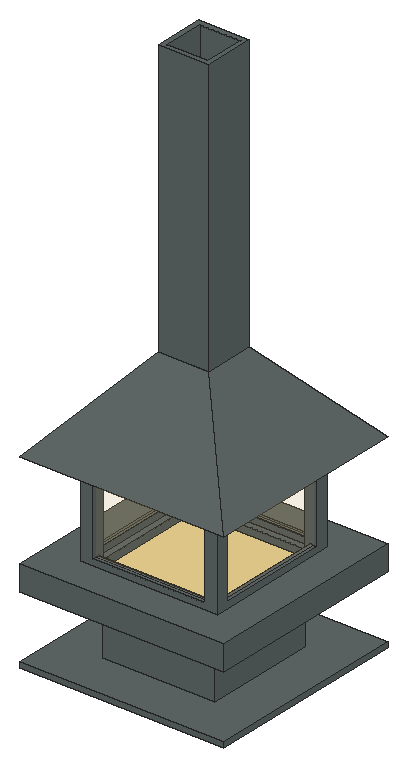
Revit family "Fireplace 2", category Furniture, Revit 2020
Family settings
  Work Plane-Based = No
  Always vertical = Yes
  Cut with Voids When Loaded = No
  Shared = No
  Room Calculation Point = No
Parameters (values of type "Chilinea Central Giselle 100")
  Total Height = 2700 mm
  Fireplace_metal = Fireplace_metal
  Fireplace_glass = Fireplace_glass
  Default Elevation = 0 mm
  Assembly Code = ""
Reference planes
  plane 1 "Center (Front/Back)": y = 0
  plane 2: z = 0
  plane 3 "Center (Left/Right)": x = 0
  plane 4: z = 926
  plane 5: z = 2700
  plane 6: z = 1355
  plane 7: z = 457
  plane 8: z = 896
  plane 9: z = 487
Forms (mm)
  Extrusion 1, solid, material "Fireplace_metal" <- "Fireplace_metal"
    sketch origin (0, 0, 0) x (1, 0, 0) y (0, 1, 0)
      loop
        line (-500, 500) -> (-500, -500) -> (500, -500) -> (500, 500) -> (-500, 500)
    from 0 to 27
  Extrusion 2, solid, material "Fireplace_metal" <- "Fireplace_metal"
    sketch origin (0, 0, 0) x (1, 0, 0) y (0, 1, 0)
      loop
        line (-275, 275) -> (-275, -275) -> (275, -275) -> (275, 275) -> (-275, 275)
    from 27 to 337
  Extrusion 3, solid, material "Fireplace_glass" <- "Fireplace_glass"
    sketch origin (0, 0, 0) x (1, 0, 0) y (0, 1, 0)
      loop
        line (-320, 320) -> (-320, -320) -> (320, -320) -> (320, 320) -> (-320, 320)
      loop
        line (-305, 305) -> (-305, -305) -> (305, -305) -> (305, 305) -> (-305, 305)
    from 487 to 896
  Extrusion 4, solid, material "Pejseindsats"
    sketch origin (0, 0, 0) x (1, 0, 0) y (0, 1, 0)
      loop
        line (-275, 275) -> (-275, -275) -> (275, -275) -> (275, 275) -> (-275, 275)
    from 337 to 420
  Extrusion 5, solid, material "Fireplace_metal" <- "Fireplace_metal"
    sketch origin (0, 0, 0) x (1, 0, 0) y (0, 1, 0)
      loop
        line (-500, 500) -> (-500, -500) -> (500, -500) -> (500, 500) -> (-500, 500)
      loop
        line (-275, 275) -> (-275, -275) -> (275, -275) -> (275, 275) -> (-275, 275)
    from 337 to 457
  Extrusion 6, solid, material "Fireplace_metal" <- "Fireplace_metal"
    sketch origin (0, 0, 0) x (1, 0, 0) y (0, 1, 0)
      loop
        line (-100, -100) -> (100, -100) -> (100, 100) -> (-100, 100) -> (-100, -100)
      loop
        line (123, 123) -> (-123, 123) -> (-123, -123) -> (123, -123) -> (123, 123)
    from 1355 to 2700
  Blend 7, solid, material "Fireplace_metal" <- "Fireplace_metal"
    base sketch origin (0, 0, 926) x (-1, 0, 0) y (0, -1, 0)
      loop
        line (-500, 500) -> (-500, -500) -> (500, -500) -> (500, 500) -> (-500, 500)
    top sketch origin (0, 0, 926) x (-1, 0, 0) y (0, -1, 0)
      loop
        line (123, -123) -> (123, 123) -> (-123, 123) -> (-123, -123) -> (123, -123)
    from 0 to 429
  Extrusion 8, solid, material "Fireplace_metal" <- "Fireplace_metal"
    sketch origin (0, 0, 926) x (0, -1, 0) y (-1, 0, 0)
      loop
        line (-335, 335) -> (-335, -335) -> (335, -335) -> (335, 335) -> (-335, 335)
      loop
        line (-275, 305) -> (-275, 275) -> (-305, 275) -> (-305, -275) -> (-275, -275) -> (-275, -305) -> (275, -305) -> (275, -275) -> (305, -275) -> (305, 275) -> (275, 275) -> (275, 305) -> (-275, 305)
    from 0 to 469
  Extrusion 9, void
    sketch origin (0, 0, 0) x (1, 0, 0) y (0, 1, 0)
      loop
        line (-275, -275) -> (-275, -335) -> (275, -335) -> (275, -275) -> (335, -275) -> (335, 275) -> (275, 275) -> (275, 335) -> (-275, 335) -> (-275, 275) -> (-335, 275) -> (-335, -275) -> (-275, -275)
    from 487 to 896
Cuts and joins
  Extrusion 9 cuts Extrusion 1
  Extrusion 9 cuts Extrusion 2
  Extrusion 9 cuts Extrusion 8
Dimensions and locks
  equal spacing: Extrusion 1 sketch curve, plane 1 "Center (Front/Back)", Extrusion 1 sketch curve
  equal spacing: Extrusion 1 sketch curve, plane 3 "Center (Left/Right)", Extrusion 1 sketch curve
  equal spacing: Extrusion 2 sketch curve, plane 1 "Center (Front/Back)", Extrusion 2 sketch curve
  equal spacing: Extrusion 2 sketch curve, plane 3 "Center (Left/Right)", Extrusion 2 sketch curve
  locked: Extrusion 2 sketch curve to Extrusion 2 sketch curve at 550
  Extrusion 2 sketch curve to Extrusion 2 sketch curve = 550 mm
  Extrusion 5 sketch curve to Extrusion 5 sketch curve = 1000 mm  (x2)
  locked: plane 7 to level at 457
  locked: plane 4 to plane 7 at 469
  locked: plane 6 to plane 4 at 429
  "Total Height": plane 5 to level
  plane 4 to plane 8 to plane 9 to plane 7 = 30 mm, 409 mm, 30 mm
  aligned and locked: Extrusion 2 to cut or joined group of Extrusion 1, Extrusion 9
  aligned and locked: Extrusion 5 to cut or joined group of Extrusion 2, Extrusion 9
  aligned and locked: plane 7 to Extrusion 5
  aligned and locked: plane 6 to Extrusion 6
  aligned and locked: Blend 7 sketch curve to Extrusion 6  (x4)
  aligned and locked: Blend 7 to plane 6
  aligned and locked: plane 4 to Blend 7
  aligned and locked: Blend 7 sketch curve to Extrusion 5  (x4)
  aligned and locked: Extrusion 8 to Extrusion 5
  aligned and locked: Extrusion 8 to plane 4
  aligned and locked: plane 8 to Extrusion 9
  aligned and locked: Extrusion 9 to plane 9
  aligned and locked: Extrusion 9 sketch curve to cut or joined group of Extrusion 8, Extrusion 9  (x4)
  aligned and locked: plane 8 to Extrusion 3
  aligned and locked: Extrusion 3 to plane 9
  aligned and locked: Extrusion 6 to plane 5
  aligned and locked: Extrusion 4 to cut or joined group of Extrusion 2, Extrusion 9
Automatic sketch dimensions
  Extrusion 1 sketch curve to plane 3 "Center (Left/Right)" = 500 mm
  plane 1 "Center (Front/Back)" to Extrusion 1 sketch curve = 500 mm
  Extrusion 3 sketch curve to plane 3 "Center (Left/Right)" = 320 mm
  Extrusion 3 sketch curve to Extrusion 3 sketch curve = 15 mm  (x4)
  plane 3 "Center (Left/Right)" to Extrusion 3 sketch curve = 305 mm
  plane 1 "Center (Front/Back)" to Extrusion 3 sketch curve = 320 mm
  Extrusion 3 sketch curve to plane 1 "Center (Front/Back)" = 305 mm
  Extrusion 4 sketch curve to plane 3 "Center (Left/Right)" = 275 mm
  plane 3 "Center (Left/Right)" to Extrusion 4 sketch curve = 275 mm
  plane 1 "Center (Front/Back)" to Extrusion 4 sketch curve = 275 mm
  Extrusion 4 sketch curve to plane 1 "Center (Front/Back)" = 275 mm
  Extrusion 5 sketch curve to plane 3 "Center (Left/Right)" = 500 mm
  Extrusion 5 sketch curve to plane 3 "Center (Left/Right)" = 275 mm
  plane 3 "Center (Left/Right)" to Extrusion 5 sketch curve = 275 mm
  Extrusion 5 sketch curve to Extrusion 5 sketch curve = 225 mm  (x2)
  plane 1 "Center (Front/Back)" to Extrusion 5 sketch curve = 500 mm
  plane 1 "Center (Front/Back)" to Extrusion 5 sketch curve = 275 mm
  Extrusion 5 sketch curve to plane 1 "Center (Front/Back)" = 275 mm
  Extrusion 6 sketch curve to plane 3 "Center (Left/Right)" = 123 mm
  Extrusion 6 sketch curve to Extrusion 6 sketch curve = 23 mm  (x4)
  plane 3 "Center (Left/Right)" to Extrusion 6 sketch curve = 100 mm
  plane 1 "Center (Front/Back)" to Extrusion 6 sketch curve = 123 mm
  Extrusion 6 sketch curve to plane 1 "Center (Front/Back)" = 100 mm
  Extrusion 8 sketch curve to plane 1 "Center (Front/Back)" = 335 mm
  Extrusion 8 sketch curve to Extrusion 8 sketch curve = 30 mm  (x10)
  plane 1 "Center (Front/Back)" to Extrusion 8 sketch curve = 275 mm  (x2)
  Extrusion 8 sketch curve to plane 3 "Center (Left/Right)" = 335 mm
  plane 3 "Center (Left/Right)" to Extrusion 8 sketch curve = 275 mm  (x2)
  Extrusion 9 sketch curve to Extrusion 9 sketch curve = 60 mm  (x8)
